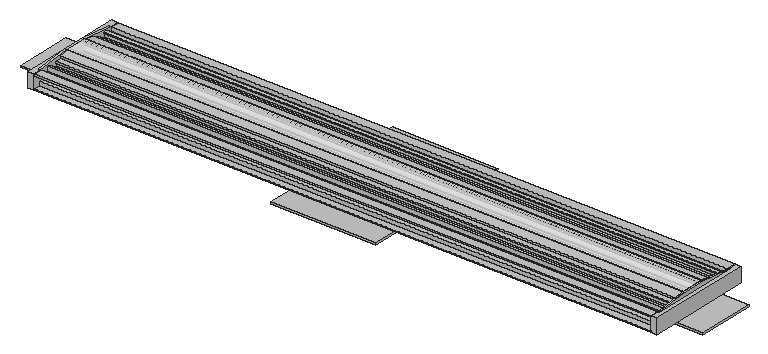
Revit family "Lighting-Luminii-Linii new", category Lighting Fixtures, host Face, Revit 2020
Family settings
  Host = Face
  Round Connector Dimension = Use Diameter
  Part Type = Normal
  OmniClass Number = 23.80.70.11.14.11
  OmniClass Title = Downlights
  Cut with Voids When Loaded = No
  Light Source = Yes
  Shared = Yes
  Room Calculation Point = No
Parameters (values of type "Linii")
  Width = 115/128"  # constant formula
  Wattage Comments = "6 W/ft"
  Wattage = 6 W
  Warranty URL = "https://www.luminii.com/terms-conditions/"
  built-in parameter 1150110 = 1 (stored number, unit not read)
  Voltage Comments = "120VAC - 277VAC"  # constant formula
  Voltage = 120 V
  Version = "2020 - v1.0a"  # constant formula
  URL = "https://www.luminii.com/"
  built-in parameter 1114217 = 1 (stored number, unit not read)
  Tilt Angle = -90.00°  # constant formula
  built-in parameter 1150109 = 1 (stored number, unit not read)
  built-in parameter 1150134 = (empty or 0)
  built-in parameter 1150113 = 1 (stored number, unit not read)
  Support Phone = "224-699-9545"  # constant formula
  Support Email = "mailto:support@bimsmith.com"
  Right Endcap [instance] = yes
  Product Page URL = "Consult Manufacturer Website for more Information"
  Power Source Type = "Driver"  # constant formula
  Power Factor = 1
  Photometric Web File = "LIN-48-30K-LL72VHO-F.IES"
  Phase = 1
  Operating Temperature = "Consult Manufacturer Website for more Information"  # constant formula
  Number of Poles = if(and(or(Voltage = 120 V, Voltage = 277 V), Phase = 1), 1, if(and(or(Voltage = 208 V, Voltage = 240 V), Phase = 1), 2, if(and(or(Voltage = 208 V, Voltage = 240 V), Phase = 3), 3, if(and(Voltage > 300 V, Phase = 1), 2, if(and(Voltage > 400 V, Phase = 3), 3, 1)))))  # 1
  Mounting Method = "Mounting Options: Gypsum Drywall Surface, Drywall to Hard Surface"  # constant formula
  Model = "LIN"  # constant formula
  Manufacturer Phone Number = "403-216-7043"  # constant formula
  Manufacturer Email = "mailto: info@sensolighting.com"
  Manufacturer Address = "302 50 Ave SE. Calgary, Alberta, T2G 2A9 Canada"  # constant formula
  Manufacturer = "Luminii"  # constant formula
  built-in parameter 1150105 = 300 (stored number, unit not read)
  Lumens = 300 lm
  Luminaire Type = "Linear Illumination System"  # constant formula
  built-in parameter 1150115 = 1 (stored number, unit not read)
  Load Classification = Lighting
  built-in parameter 1150137 = (empty or 0)
  built-in parameter 1150139 = (empty or 0)
  Lens Material = Plastic - Luminii - Frosted Lens
  Length [instance] = if(Desired Length < 12", 12", if(Desired Length > 144", 144", (round(Desired Length / 1")) * 1"))  # 24"
  Left Endcap [instance] = yes
  built-in parameter 1150112 = 1 (stored number, unit not read)
  built-in parameter 1150114 = 1 (stored number, unit not read)
  Lamp Life = 1
  Lamp = "LED"  # constant formula
  Keynote = "26 50 00"
  built-in parameter 1150132 = (empty or 0)
  built-in parameter 1150102 = (empty or 0)
  built-in parameter 1150107 = 3000 (stored number, unit not read)
  Initial Color Comments = "Perfomance based on 3000K Photometric Web File"  # constant formula
  built-in parameter 1150138 = (empty or 0)
  built-in parameter 1150106 = 3 (stored number, unit not read)
  Housing Protection Rating = "Consult Manufacturer Website for more Information"  # constant formula
  Height = 3/4"  # constant formula
  Has Dimming = 1 = 1  # yes
  Has Battery Backup = 0 = 1  # no
  Hard Surface [instance] = not(Drywall)  # no
  Frequency Comments = ""  # constant formula
  Frequency = 60 Hz
  Finish = Metal - Luminii - Silver Anodized Aluminum
  Environment = "Indoor"  # constant formula
  Emit from Line Length = 48"
  built-in parameter 1150104 = 4.6452 (stored number, unit not read)
  Drywall [instance] = yes
  Dimming Type = "Consult Manufacturer Website for more Information"  # constant formula
  Dimming Lamp Color Temperature Shift = <None>
  Desired Length [instance] = 24"
  Description = "Linear Illumination System"  # constant formula
  Default Elevation = 0"  # constant formula
  Current Amps = 50 A
  Copyright = "©2024 Luminii"  # constant formula
  Control Zone = "Consult Manufacturer Website for more Information"  # constant formula
  Control Type = "Consult Manufacturer Website for more Information"  # constant formula
  Constraints = 1  # constant formula
  Color Filter = 16777215
  built-in parameter 1114216 [instance] = 0  # (empty or 0)
  built-in parameter 1140040 [instance] = 1 = 1  # 1
  CCT = "3000K"
  C Right End [instance] = if(Right Endcap, 1/4", 0")  # 1/4"
  C Left End [instance] = if(Left Endcap, 1/4", 0")  # 1/4"
  built-in parameter 1114218 = 1 (stored number, unit not read)
  built-in parameter 1150133 = 10 (stored number, unit not read)
  Assembly Code = "D5040.50"
  Apparent Load = Wattage / Power Factor  # 6 VA
Reference planes (in)
  plane 1 "Center (Front/Back)": y = 0
  plane 2: z = 0
  plane 3 "Center (Left/Right)": x = 0
  plane 4: x = 0
  plane 5: x = 0
  plane 6: y = 0.44922
  plane 7: y = -0.44922
  plane 8: x = -12
  plane 9: x = 12
  plane 10: z = 0
  plane 11: z = 0
  plane 12 "Top": z = 0
  plane 13: z = -0.75
  plane 14: x = -11.75
  plane 15: x = 11.75
Forms (in)
  Extrusion 1, solid, material "Metal - Luminii - Silver Anodized Aluminum", not visible
    sketch origin (0, 0, -0.01563) x (1, 0, 0) y (0, 1, 0)
      loop
        circle (12, 0) r 0.03125
    from 0.01562 to 0.02575
Dimensions and locks (in)
  equal spacing: plane 4, plane 3 "Center (Left/Right)", plane 5
  equal spacing: plane 6, plane 1 "Center (Front/Back)", plane 7
  "Width": plane 6 to plane 7
  equal spacing: plane 8, plane 3 "Center (Left/Right)", plane 9
  "Length": plane 8 to plane 9
  Extrusion 1 to plane 2 = 0.01013"
  plane 1 "Center (Front/Back)" to imposter light = 0"
  locked: plane 10 to plane 2
  locked: plane 12 "Top" to plane 2
  locked: plane 14 to plane 8 at 0.25
  locked: plane 15 to plane 9 at 0.25
  plane 14 to plane 15 = 23 1/2"
  "Height": plane 13 to plane 12 "Top"
  aligned and locked: plane 2 to host face
  aligned and locked: imposter light to plane 3 "Center (Left/Right)"
  aligned and locked: plane 1 "Center (Front/Back)" to Extrusion 1 sketch curve
  aligned and locked: plane 10 to Extrusion 1
  aligned and locked: imposter light to plane 11
  aligned and locked: plane 1 "Center (Front/Back)" to imposter light
  aligned and locked: imposter light to plane 5
  aligned and locked: plane 9 to Extrusion 1 sketch curve
  aligned and locked: plane 12 "Top" to plane 11
Automatic sketch dimensions
  host sketch curve to host sketch curve = 96"  (x2)
  radius of Extrusion 1 sketch curve = 1/32"
Nested families (in)
  nested 1: "Nested Lamp" at (0, 0, 0), visible <- "Drywall", type "Nested Lamp"
    with Length 24"
Connectors (in)
  electrical at (12, 0, 0), driven by "Number of Poles", driven by "Load Classification", driven by "Voltage", driven by "Apparent Load", driven by "Power Factor"
    settings: on Extrusion 1, index 1, voltage 120 V, apparent load 6 VA, apparent load phase1 0 VA, apparent load phase2 0 VA, apparent load phase3 0 VA, power factor 1, load classification "Lighting", number of poles 1, system type 30, power factor state 1, is connector primary yes, connector utility no, sub classification motor no, connector description "Power Connection"
Definition of nested family "Nested Lamp"
  Parameters (values of type "Nested Lamp")
    Width = 115/128"  # constant formula
    Right Hard = if(and(Hardsurface, Right Cap), 1 = 1, 1 = 0)  # no
    Right Drywall = if(and(Drywall, Right Cap), 1 = 1, 1 = 0)  # yes
    Right Cap = yes
    Lens = none
    Length = 36"
    Left Hard = if(and(Hardsurface, Left Cap), 1 = 1, 1 = 0)  # no
    Left Drywall = if(and(Drywall, Left Cap), 1 = 1, 1 = 0)  # yes
    Left Cap = yes
    Height = 141/256"  # constant formula
    Hardsurface = not(Drywall)  # no
    Finish = none
    Drywall = yes
    Default Elevation = 48"
    C Right Endcap = if(Right Cap, 1/4", 0")  # 1/4"
    C Left Endcap = if(Left Cap, 1/4", 0")  # 1/4"
  Reference planes (in)
    plane 1 "Center (Front/Back)": y = 0
    plane 2: z = 0
    plane 3 "Center (Left/Right)": x = 0
    plane 4: x = -17.75
    plane 5: x = 17.75
    plane 6: x = 18
    plane 7: x = -18
    plane 8: y = 0.44922
    plane 9: y = -0.44922
    plane 10: z = -0.7475
  Forms (in)
    Extrusion 1, solid
      sketch origin (0, 0, 0) x (1, 0, 0) y (0, 1, 0)
        loop
          line (-48, 48) -> (-48, -48) -> (48, -48) -> (48, 48) -> (-48, 48)
      from 0 to -12
    Sweep 2, solid, material <- "Finish", visible <- "Drywall", detail levels coarse
      path origin (0, 0, 0) x (1, 0, 0) y (0, 1, 0)
        loop
          line (-17.75, 0) -> (17.75, 0)
      profile origin (0, 0, 0) x (0, 1, 0) y (0, 0, 1)
        loop
          line (0.44922, 0.00028) -> (0.44922, -0.08637) -> (-0.44922, -0.08637) -> (-0.44922, 0.00028) -> (-1.67, -0.135) -> (-2, -0.135) -> (-2, -0.685) -> (2, -0.685) -> (2, -0.135) -> (1.67, -0.135) -> (0.44922, 0.00028)
    Sweep 3, solid, material <- "Lens", detail levels medium+fine
      path origin (0, 0, 0) x (1, 0, 0) y (0, 1, 0)
        loop
          line (-17.75, 0) -> (17.75, 0)
      profile origin (0, 0, 0) x (0, 1, 0) y (0, 0, 1)
        loop
          line (-0.43279, 0.00028) -> (-0.425, -0.08182)
          arc (-0.425, -0.08182) -> (-0.44707, -0.1531) -> (-0.43549, -0.22681) r 0.165
          line (-0.43549, -0.22681) -> (-0.36814, -0.39349)
          arc (-0.36814, -0.39349) -> (-0.34211, -0.40454) -> (-0.33105, -0.37851) r 0.02
          line (-0.33105, -0.37851) -> (-0.3984, -0.21183)
          arc (-0.3984, -0.21183) -> (-0.38613, -0.0951) -> (-0.2825, -0.04) r 0.125
          line (-0.2825, -0.04) -> (0.2825, -0.04)
          arc (0.2825, -0.04) -> (0.38613, -0.0951) -> (0.3984, -0.21183) r 0.125
          line (0.3984, -0.21183) -> (0.33105, -0.37851)
          arc (0.33105, -0.37851) -> (0.34211, -0.40454) -> (0.36814, -0.39349) r 0.02
          line (0.36814, -0.39349) -> (0.43549, -0.22681)
          arc (0.43549, -0.22681) -> (0.44707, -0.1531) -> (0.425, -0.08182) r 0.165
          line (0.425, -0.08182) -> (0.43279, 0.00028) -> (-0.43279, 0.00028)
    Sweep 4, solid, material <- "Finish", visible <- "Drywall", detail levels medium+fine
      path origin (0, 0, 0) x (1, 0, 0) y (0, 1, 0)
        loop
          line (-17.75, 0) -> (17.75, 0)
      profile origin (0, 0, 0) x (0, 1, 0) y (0, 0, 1)
        loop
          line (2, -0.135) -> (1.67, -0.135) -> (1.67, -0.2775) -> (1.405, -0.2775) -> (1.405, -0.135) -> (1.2825, -0.135) -> (1.2825, -0.19084) -> (1.325, -0.19084) -> (1.325, -0.31584) -> (0.94, -0.31584) -> (0.94, -0.19084) -> (0.9825, -0.19084) -> (0.9825, -0.135) -> (0.7875, -0.135) -> (0.7875, -0.048) -> (0.45176, 0) -> (0.425, -0.08182)
          arc (0.425, -0.08182) -> (0.4686, -0.13159) -> (0.46766, -0.19775) r 0.09223
          line (0.46766, -0.19775) -> (0.40518, -0.35363) -> (0.44703, -0.35363) -> (0.52499, -0.25383)
          arc (0.52499, -0.25383) -> (0.54623, -0.21399) -> (0.55265, -0.16929) r 0.13074
          line (0.55265, -0.16929) -> (0.55265, -0.09518) -> (0.70824, -0.11743) -> (0.70824, -0.24585) -> (0.77882, -0.25591) -> (0.77882, -0.35249) -> (0.99, -0.46526) -> (0.99, -0.605) -> (-0.99, -0.605) -> (-0.99, -0.46526) -> (-0.77882, -0.35249) -> (-0.77882, -0.25591) -> (-0.70824, -0.24585) -> (-0.70824, -0.11743) -> (-0.55265, -0.09518) -> (-0.55265, -0.16929)
          arc (-0.55265, -0.16929) -> (-0.54623, -0.21399) -> (-0.52499, -0.25383) r 0.13074
          line (-0.52499, -0.25383) -> (-0.44703, -0.35363) -> (-0.40518, -0.35363) -> (-0.46766, -0.19775)
          arc (-0.46766, -0.19775) -> (-0.4686, -0.13159) -> (-0.425, -0.08182) r 0.09223
          line (-0.425, -0.08182) -> (-0.45176, 0) -> (-0.7875, -0.048) -> (-0.7875, -0.135) -> (-0.9825, -0.135) -> (-0.9825, -0.19084) -> (-0.94, -0.19084) -> (-0.94, -0.31584) -> (-1.325, -0.31584) -> (-1.325, -0.19084) -> (-1.2825, -0.19084) -> (-1.2825, -0.135) -> (-1.405, -0.135) -> (-1.405, -0.2775) -> (-1.67, -0.2775) -> (-1.67, -0.135) -> (-2, -0.135) -> (-2, -0.185) -> (-1.75, -0.185) -> (-1.75, -0.34553) -> (-1.47669, -0.35986)
          arc (-1.47669, -0.35986) -> (-1.35203, -0.4076) -> (-1.47479, -0.46004) r 0.07201
          line (-1.47479, -0.46004) -> (-1.75, -0.47447) -> (-1.75, -0.635) -> (-2, -0.635) -> (-2, -0.685) -> (-1.67, -0.685) -> (-1.67, -0.5425) -> (-1.275, -0.5425) -> (-1.275, -0.6065) -> (-1.4212, -0.6065)
          arc (-1.4212, -0.6065) -> (-1.46907, -0.62047) -> (-1.50355, -0.6565) r 0.09634
          line (-1.50355, -0.6565) -> (-1.51917, -0.685) -> (1.51917, -0.685) -> (1.50355, -0.6565)
          arc (1.50355, -0.6565) -> (1.46724, -0.61938) -> (1.41694, -0.6065) r 0.09634
          line (1.41694, -0.6065) -> (1.275, -0.6065) -> (1.275, -0.5425) -> (1.67, -0.5425) -> (1.67, -0.685) -> (2, -0.685) -> (2, -0.635) -> (1.75, -0.635) -> (1.75, -0.47447) -> (1.47479, -0.46004)
          arc (1.47479, -0.46004) -> (1.35203, -0.4076) -> (1.47669, -0.35986) r 0.07201
          line (1.47669, -0.35986) -> (1.75, -0.34553) -> (1.75, -0.185) -> (2, -0.185) -> (2, -0.135)
    Sweep 5, solid, material <- "Lens", detail levels coarse
      path origin (0, 0, 0) x (1, 0, 0) y (0, 1, 0)
        loop
          line (-17.75, 0) -> (17.75, 0)
      profile origin (0, 0, 0) x (0, 1, 0) y (0, 0, 1)
        loop
          line (0.44922, -0.08637) -> (0.44922, 0.00028) -> (-0.44922, 0.00028) -> (-0.44922, -0.08637) -> (0.44922, -0.08637)
    Sweep 6, solid, material <- "Finish", visible <- "Right Drywall", detail levels medium+fine
      path origin (0, 0, 0) x (1, 0, 0) y (0, 1, 0)
        loop
          line (17.75, 0) -> (17.82188, 0)
      profile origin (17.78594, 0, 0) x (0, 1, 0) y (0, 0, 1)
        loop
          line (-1.67, -0.135) -> (1.67, -0.135) -> (0.44922, 0.00028) -> (-0.44922, 0.00028) -> (-1.67, -0.135)
    Sweep 7, solid, material <- "Finish", visible <- "Right Drywall", detail levels coarse
      path origin (0, 1, 0) x (-1, 0, 0) y (0, 1, 0)
        loop
          line (-17.75, -1) -> (-18, -1)
      profile origin (17.875, 0, 0) x (0, 1, 0) y (0, 0, 1)
        loop
          line (-2, 0) -> (-2, -0.685) -> (2, -0.685) -> (2, 0) -> (-2, 0)
    Sweep 8, solid, material <- "Finish", visible <- "Right Drywall", detail levels medium+fine
      path origin (0, 2.25, 0) x (-1, 0, 0) y (0, 1, 0)
        loop
          line (-17.75, -2.25) -> (-18, -2.25)
      profile origin (17.875, 0, 0) x (0, 1, 0) y (0, 0, 1)
        loop
          line (2, -0.135) -> (-2, -0.135) -> (-2, -0.685) -> (2, -0.685) -> (2, -0.135)
    Sweep 9, solid, material <- "Finish", visible <- "Left Drywall", detail levels medium+fine
      path origin (0, 0, 0) x (-1, 0, 0) y (0, 1, 0)
        loop
          line (17.75, 0) -> (17.83, 0)
      profile origin (-17.79, 0, 0) x (0, -1, 0) y (0, 0, 1)
        loop
          line (1.67, -0.135) -> (0.44922, 0.00028) -> (-0.44922, 0.00028) -> (-1.67, -0.135) -> (1.67, -0.135)
    Sweep 10, solid, material <- "Finish", visible <- "Left Drywall", detail levels medium+fine
      path origin (0, 2.25, 0) x (1, 0, 0) y (0, 1, 0)
        loop
          line (-17.75, -2.25) -> (-18, -2.25)
      profile origin (-17.875, 0, 0) x (0, -1, 0) y (0, 0, 1)
        loop
          line (-2, -0.135) -> (-2, -0.685) -> (2, -0.685) -> (2, -0.135) -> (-2, -0.135)
    Sweep 11, solid, material <- "Finish", visible <- "Left Drywall", detail levels coarse
      path origin (0, 1, 0) x (1, 0, 0) y (0, 1, 0)
        loop
          line (-17.75, -1) -> (-18, -1)
      profile origin (-17.875, 0, 0) x (0, -1, 0) y (0, 0, 1)
        loop
          line (2, 0) -> (-2, 0) -> (-2, -0.685) -> (2, -0.685) -> (2, 0)
    Extrusion 12, solid
      sketch origin (0, 0, 0) x (1, 0, 0) y (0, 1, 0)
        loop
          line (-2, 2.90906) -> (-2, 1.33156) -> (2, 1.33156) -> (2, 2.90906) -> (-2, 2.90906)
        loop
          line (-2, -2.90906) -> (2, -2.90906) -> (2, -1.33156) -> (-2, -1.33156) -> (-2, -2.90906)
      from -0.7475 to -0.685
    Extrusion 13, solid, material <- "Finish", visible <- "Left Cap"
      sketch origin (0, 0, 0) x (1, 0, 0) y (0, 1, 0)
        loop
          line (-19, -1.085) -> (-17.75, -1.085) -> (-17.75, 1.085) -> (-19, 1.085) -> (-19, -1.085)
      from -0.685 to -0.7475
    Extrusion 14, solid, material <- "Finish", visible <- "Right Cap"
      sketch origin (0, 0, 0) x (-1, 0, 0) y (0, -1, 0)
        loop
          line (-19, 1.085) -> (-19, -1.085) -> (-17.75, -1.085) -> (-17.75, 1.085) -> (-19, 1.085)
      from -0.685 to -0.7475
    Sweep 15, solid, material <- "Finish", visible <- "Hardsurface", detail levels medium+fine
      path origin (0, 0, 0) x (1, 0, 0) y (0, 1, 0)
        loop
          line (-17.75, 0) -> (17.75, 0)
      profile origin (0, 0, 0) x (0, 1, 0) y (0, 0, 1)
        loop
          line (-2, -0.135) -> (-2, -0.185) -> (-1.75, -0.185) -> (-1.75, -0.34553) -> (-1.47669, -0.35986)
          arc (-1.47669, -0.35986) -> (-1.35203, -0.4076) -> (-1.47479, -0.46004) r 0.07201
          line (-1.47479, -0.46004) -> (-1.75, -0.47447) -> (-1.75, -0.635) -> (-2, -0.635) -> (-2, -0.685) -> (-1.67, -0.685) -> (-1.67, -0.5425) -> (-1.275, -0.5425) -> (-1.275, -0.6065) -> (-1.41694, -0.6065)
          arc (-1.41694, -0.6065) -> (-1.46724, -0.61938) -> (-1.50355, -0.6565) r 0.09634
          line (-1.50355, -0.6565) -> (-1.51917, -0.685) -> (0.34141, -0.685) -> (0.39852, -0.5425) -> (0.74828, -0.5425) -> (0.74828, -0.685) -> (0.99913, -0.685) -> (0.99913, -0.635) -> (0.82828, -0.635) -> (0.82828, -0.47447) -> (0.55308, -0.46004)
          arc (0.55308, -0.46004) -> (0.43031, -0.4076) -> (0.55498, -0.35986) r 0.07201
          line (0.55498, -0.35986) -> (0.82828, -0.34553) -> (0.82828, -0.08) -> (0.95234, -0.08) -> (0.95234, -0.185) -> (1.05582, -0.185) -> (1.07913, 0) -> (0.44539, 0) -> (0.41975, -0.08385)
          arc (0.41975, -0.08385) -> (0.4626, -0.1322) -> (0.46166, -0.1968) r 0.08938
          line (0.46166, -0.1968) -> (0.29806, -0.605) -> (-0.99, -0.605) -> (-0.99, -0.46526) -> (-0.77882, -0.35249) -> (-0.77882, -0.25591) -> (-0.70824, -0.24585) -> (-0.70824, -0.11743) -> (-0.55265, -0.09518) -> (-0.55265, -0.16929)
          arc (-0.55265, -0.16929) -> (-0.54623, -0.21399) -> (-0.52499, -0.25383) r 0.13074
          line (-0.52499, -0.25383) -> (-0.44703, -0.35363) -> (-0.40518, -0.35363) -> (-0.46766, -0.19775)
          arc (-0.46766, -0.19775) -> (-0.4686, -0.13159) -> (-0.425, -0.08182) r 0.09223
          line (-0.425, -0.08182) -> (-0.45176, 0) -> (-0.7875, -0.048) -> (-0.7875, -0.135) -> (-0.9825, -0.135) -> (-0.9825, -0.19084) -> (-0.94, -0.19084) -> (-0.94, -0.31584) -> (-1.325, -0.31584) -> (-1.325, -0.19084) -> (-1.2825, -0.19084) -> (-1.2825, -0.135) -> (-1.405, -0.135) -> (-1.405, -0.2775) -> (-1.67, -0.2775) -> (-1.67, -0.135) -> (-2, -0.135)
    Sweep 16, solid, material <- "Finish", visible <- "Hardsurface", detail levels coarse
      path origin (0, 0, 0) x (1, 0, 0) y (0, 1, 0)
        loop
          line (-17.75, 0) -> (17.75, 0)
      profile origin (0, 0, 0) x (0, 1, 0) y (0, 0, 1)
        loop
          line (-0.44922, 0.00028) -> (-1.67, -0.135) -> (-2, -0.135) -> (-2, -0.685) -> (1.07913, -0.685) -> (1.07913, 0) -> (0.44922, 0) -> (0.44922, -0.08637) -> (-0.44922, -0.08637) -> (-0.44922, 0.00028)
    Sweep 17, solid, material <- "Finish", visible <- "Right Hard", detail levels medium+fine
      path origin (0.85306, 1.37601, 0.66436) x (1, 0, 0) y (0, 1, 0)
        loop
          line (16.89694, -1.37601) -> (16.96882, -1.37601)
      profile origin (17.78594, 0, 0.66436) x (0, 1, 0) y (0, 0, 1)
        loop
          line (-1.67, -0.79936) -> (1.07913, -0.79936) -> (1.07913, -0.66408) -> (-0.44922, -0.66408) -> (-1.67, -0.79936)
    Sweep 18, solid, material <- "Finish", visible <- "Right Hard", detail levels coarse
      path origin (0, 0, 0) x (1, 0, 0) y (0, 1, 0)
        loop
          line (17.75, 0) -> (18, 0)
      profile origin (17.875, 0, 0) x (0, 1, 0) y (0, 0, 1)
        loop
          line (-2, 0) -> (-2, -0.685) -> (1.07913, -0.685) -> (1.07913, 0) -> (-2, 0)
    Sweep 19, solid, material <- "Finish", visible <- "Right Hard", detail levels medium+fine
      path origin (0, 0, 0) x (1, 0, 0) y (0, 1, 0)
        loop
          line (17.75, 0) -> (18, 0)
      profile origin (17.875, 0, 0) x (0, 1, 0) y (0, 0, 1)
        loop
          line (1.07913, -0.135) -> (-2, -0.135) -> (-2, -0.685) -> (1.07913, -0.685) -> (1.07913, -0.135)
    Sweep 20, solid, material <- "Finish", visible <- "Left Hard", detail levels medium+fine
      path origin (0.85306, 1.37601, 0.66436) x (-1, 0, 0) y (0, 1, 0)
        loop
          line (18.60306, -1.37601) -> (18.68306, -1.37601)
      profile origin (-17.79, 0, 0.66436) x (0, -1, 0) y (0, 0, 1)
        loop
          line (1.67, -0.79936) -> (0.44922, -0.66408) -> (-1.07913, -0.66408) -> (-1.07913, -0.79936) -> (1.67, -0.79936)
    Sweep 21, solid, material <- "Finish", visible <- "Left Hard", detail levels medium+fine
      path origin (0.85306, 3.62601, 0.66436) x (1, 0, 0) y (0, 1, 0)
        loop
          line (-18.60306, -3.62601) -> (-18.85306, -3.62601)
      profile origin (-17.875, 0, 0.66436) x (0, -1, 0) y (0, 0, 1)
        loop
          line (-1.07913, -0.79936) -> (-1.07913, -1.34936) -> (2, -1.34936) -> (2, -0.79936) -> (-1.07913, -0.79936)
    Sweep 22, solid, material <- "Finish", visible <- "Left Hard", detail levels coarse
      path origin (0.85306, 2.37601, 0.66436) x (1, 0, 0) y (0, 1, 0)
        loop
          line (-18.60306, -2.37601) -> (-18.85306, -2.37601)
      profile origin (-17.875, 0, 0.66436) x (0, -1, 0) y (0, 0, 1)
        loop
          line (2, -0.66436) -> (-2, -0.66436) -> (-2, -1.34936) -> (2, -1.34936) -> (2, -0.66436)
  Cuts and joins
    joined: Sweep 6, Sweep 8
    joined: Sweep 9, Sweep 10
  Dimensions and locks (in)
    "Length": plane 7 to plane 6
    "C Left Endcap": plane 7 to plane 4
    "C Right Endcap": plane 5 to plane 6
    equal spacing: plane 7, plane 3 "Center (Left/Right)", plane 6
    Sweep 6 sketch curve to Sweep 6 sketch curve to plane 6 = 0.07187" locked, 0.17813" locked
    equal spacing: plane 9, plane 1 "Center (Front/Back)", plane 8
    "Width": plane 9 to plane 8
    locked: Sweep 8 sketch curve to plane 6 at 0.25
    locked: Sweep 7 sketch curve to plane 6 at 0.25
    Sweep 9 sketch curve to plane 4 to Sweep 9 sketch curve = 0" locked, 0.08" locked
    locked: plane 7 to Sweep 11 sketch curve at 0.25
    plane 7 to Sweep 10 sketch curve to Sweep 10 sketch curve = 0" locked, 1/4" locked
    Extrusion 12 sketch curve to Extrusion 12 sketch curve to plane 3 "Center (Left/Right)" to Extrusion 12 sketch curve to Extrusion 12 sketch curve = 0" locked, 2" locked, 2" locked, 0" locked
    Extrusion 12 sketch curve to Extrusion 12 sketch curve to Extrusion 12 sketch curve to Extrusion 12 sketch curve = 1.5775" locked, 2.66312" locked, 1.5775" locked
    Extrusion 13 sketch curve to plane 1 "Center (Front/Back)" to Extrusion 13 sketch curve = 1.085" locked, 1.085" locked
    Extrusion 13 sketch curve to Extrusion 13 sketch curve to plane 4 = 1 1/4" locked, 0" locked
    Extrusion 14 sketch curve to plane 1 "Center (Front/Back)" to Extrusion 14 sketch curve = 1.085" locked, 1.085" locked
    Extrusion 14 sketch curve to Extrusion 14 sketch curve to plane 5 = 1 1/4" locked, 0" locked
    plane 2 to Extrusion 14 to Extrusion 13 to plane 10 = 0.685" locked, 0" locked, 1/16" locked
    Sweep 17 sketch curve to plane 5 to Sweep 17 sketch curve = 0" locked, 0.07188" locked
    Sweep 20 sketch curve to plane 4 to Sweep 20 sketch curve = 0" locked, 0.08" locked
    Sweep 21 sketch curve to Sweep 21 sketch curve = 1/4"
    aligned and locked: plane 2 to Extrusion 1
    aligned and locked: level to Extrusion 1
    aligned and locked: plane 4 to Sweep 2 sketch curve
    aligned and locked: plane 1 "Center (Front/Back)" to Sweep 2 sketch curve
    aligned and locked: plane 5 to Sweep 2 sketch curve
    aligned and locked: plane 5 to Sweep 3 sketch curve
    aligned and locked: plane 4 to Sweep 3 sketch curve
    aligned and locked: plane 1 "Center (Front/Back)" to Sweep 3 sketch curve
    aligned and locked: plane 1 "Center (Front/Back)" to Sweep 6 sketch curve
    aligned and locked: plane 6 to Sweep 7 sketch curve
    aligned and locked: plane 1 "Center (Front/Back)" to Sweep 7 sketch curve
    aligned and locked: plane 1 "Center (Front/Back)" to Sweep 8 sketch curve
    aligned and locked: plane 6 to Sweep 8 sketch curve
    aligned and locked: Sweep 11 sketch curve to plane 1 "Center (Front/Back)"
    aligned and locked: plane 7 to Sweep 11 sketch curve
    aligned and locked: Sweep 9 sketch curve to plane 1 "Center (Front/Back)"
    aligned and locked: Sweep 10 sketch curve to plane 1 "Center (Front/Back)"
    aligned and locked: plane 10 to Extrusion 14
    aligned and locked: plane 5 to Sweep 15 sketch curve
    aligned and locked: plane 1 "Center (Front/Back)" to Sweep 15 sketch curve
    aligned and locked: plane 4 to Sweep 15 sketch curve
    aligned and locked: plane 1 "Center (Front/Back)" to Sweep 16 sketch curve
    aligned and locked: plane 5 to Sweep 16 sketch curve
    aligned and locked: plane 4 to Sweep 16 sketch curve
    aligned and locked: plane 1 "Center (Front/Back)" to Sweep 18 sketch curve
    aligned and locked: plane 5 to Sweep 18 sketch curve
    aligned and locked: plane 6 to Sweep 18 sketch curve
    aligned and locked: plane 1 "Center (Front/Back)" to Sweep 19 sketch curve
    aligned and locked: plane 5 to Sweep 19 sketch curve
    aligned and locked: plane 6 to Sweep 19 sketch curve
    aligned and locked: plane 1 "Center (Front/Back)" to Sweep 17 sketch curve
    aligned and locked: Sweep 22 sketch curve to plane 1 "Center (Front/Back)"
    aligned and locked: plane 7 to Sweep 22 sketch curve
    aligned and locked: plane 4 to Sweep 22 sketch curve
    aligned and locked: Sweep 22 sketch curve to Extrusion 1
    aligned and locked: Sweep 21 sketch curve to plane 1 "Center (Front/Back)"
    aligned and locked: plane 4 to Sweep 21 sketch curve
    aligned and locked: plane 1 "Center (Front/Back)" to Sweep 20 sketch curve
  Automatic sketch dimensions
    Extrusion 1 sketch curve to Extrusion 1 sketch curve = 96"  (x2)
    Sweep 2 sketch curve to level = 0.685"
    profile plane to Sweep 2 sketch curve = 2"
    Sweep 2 sketch curve to level = 0.135"  (x2)
    Sweep 2 sketch curve to Sweep 2 sketch curve = 0.33"  (x2)
    Sweep 2 sketch curve to level = 0.08637"
    profile plane to Sweep 2 sketch curve = 115/256"
    level to Sweep 2 sketch curve = 0.00028"  (x2)
    Sweep 2 sketch curve to profile plane = 115/256"
    Sweep 2 sketch curve to Sweep 2 sketch curve = 1.22078"
    Sweep 3 sketch curve to Sweep 3 sketch curve = 0"  (x4)
    profile plane to Sweep 3 sketch curve = 0.43549"
    level to Sweep 3 sketch curve = 0.00028"
    Sweep 3 sketch curve to Sweep 3 sketch curve = 0.00269"
    Sweep 3 sketch curve to level = 0.08182"  (x2)
    Sweep 3 sketch curve to Sweep 3 sketch curve = 1/128"  (x2)
    Sweep 3 sketch curve to Sweep 3 sketch curve = 0.03709"
    Sweep 3 sketch curve to Sweep 3 sketch curve = 0.06734"
    Sweep 3 sketch curve to Sweep 3 sketch curve = 0.01854"  (x4)
    Sweep 3 sketch curve to level = 0.04"
    Sweep 3 sketch curve to Sweep 3 sketch curve = 0.1425"
    Sweep 3 sketch curve to profile plane = 0.2825"
    Sweep 3 sketch curve to Sweep 3 sketch curve = 0.04855"
    Sweep 3 sketch curve to level = 0.21183"
    Sweep 3 sketch curve to Sweep 3 sketch curve = 0.1159"
    Sweep 3 sketch curve to Sweep 3 sketch curve = 0.0266"
    Sweep 3 sketch curve to level = 0.22681"
    Sweep 3 sketch curve to Sweep 3 sketch curve = 0.29669"
    Sweep 3 sketch curve to Sweep 3 sketch curve = 0.16668"
    Sweep 3 sketch curve to Sweep 3 sketch curve = 0.00749"  (x2)
    Sweep 3 sketch curve to Sweep 3 sketch curve = 0.14499"
    plane 1 "Center (Front/Back)" to Sweep 4 sketch curve = 0"
    Sweep 4 sketch curve to plane 4 = 0"
    Sweep 4 sketch curve to plane 5 = 0"
    Sweep 4 sketch curve to level = 0"  (x2)
    Sweep 4 sketch curve to level = 0.685"
    profile plane to Sweep 4 sketch curve = 2"
    Sweep 4 sketch curve to level = 0.135"  (x3)
    Sweep 4 sketch curve to Sweep 4 sketch curve = 0"  (x2)
    Sweep 4 sketch curve to Sweep 4 sketch curve = 1/4"  (x3)
    Sweep 4 sketch curve to level = 0.47447"
    Sweep 4 sketch curve to Sweep 4 sketch curve = 0.08"  (x6)
    Sweep 4 sketch curve to Sweep 4 sketch curve = 0.15083"
    Sweep 4 sketch curve to level = 0.6565"  (x2)
    Sweep 4 sketch curve to Sweep 4 sketch curve = 1/64"  (x2)
    Sweep 4 sketch curve to level = 0.35986"  (x2)
    Sweep 4 sketch curve to Sweep 4 sketch curve = 0.19331"
    Sweep 4 sketch curve to level = 0.46004"  (x2)
    Sweep 4 sketch curve to Sweep 4 sketch curve = 0.0019"
    Sweep 4 sketch curve to Sweep 4 sketch curve = 13/256"  (x2)
    Sweep 4 sketch curve to Sweep 4 sketch curve = 0.08235"
    Sweep 4 sketch curve to Sweep 4 sketch curve = 0.00213"  (x2)
    Sweep 4 sketch curve to Sweep 4 sketch curve = 0.07169"
    Sweep 4 sketch curve to Sweep 4 sketch curve = 0.0425"  (x4)
    Sweep 4 sketch curve to Sweep 4 sketch curve = 0.1462"
    Sweep 4 sketch curve to Sweep 4 sketch curve = 0.285"  (x2)
    Sweep 4 sketch curve to Sweep 4 sketch curve = 0.3"  (x2)
    Sweep 4 sketch curve to Sweep 4 sketch curve = 0.1525"
    Sweep 4 sketch curve to level = 0.35249"
    Sweep 4 sketch curve to Sweep 4 sketch curve = 0.16118"  (x2)
    Sweep 4 sketch curve to level = 0.24585"  (x2)
    Sweep 4 sketch curve to Sweep 4 sketch curve = 0.07059"  (x2)
    Sweep 4 sketch curve to level = 0.09518"  (x2)
    Sweep 4 sketch curve to Sweep 4 sketch curve = 0.15559"  (x2)
    Sweep 4 sketch curve to level = 0.25383"  (x2)
    Sweep 4 sketch curve to Sweep 4 sketch curve = 0.02765"
    Sweep 4 sketch curve to level = 0.19775"  (x2)
    Sweep 4 sketch curve to Sweep 4 sketch curve = 0.05734"  (x2)
    Sweep 4 sketch curve to Sweep 4 sketch curve = 0.10089"
    Sweep 4 sketch curve to Sweep 4 sketch curve = 0.07797"
    Sweep 4 sketch curve to level = 0.08182"  (x2)
    Sweep 4 sketch curve to Sweep 4 sketch curve = 0.02676"  (x2)
    Sweep 4 sketch curve to Sweep 4 sketch curve = 0.04569"
    Sweep 4 sketch curve to Sweep 4 sketch curve = 0.04184"  (x2)
    Sweep 4 sketch curve to Sweep 4 sketch curve = 0.03992"  (x2)
    Sweep 4 sketch curve to level = 0.16344"
    Sweep 4 sketch curve to profile plane = 0.38205"
    Sweep 4 sketch curve to Sweep 4 sketch curve = 0.02314"
    Sweep 4 sketch curve to Sweep 4 sketch curve = 0.00303"
    Sweep 4 sketch curve to Sweep 4 sketch curve = 0.12765"
    Sweep 4 sketch curve to Sweep 4 sketch curve = 0.07926"
    Sweep 4 sketch curve to Sweep 4 sketch curve = 0.05"  (x5)
    Sweep 4 sketch curve to Sweep 4 sketch curve = 0.14194"
    Sweep 4 sketch curve to Sweep 4 sketch curve = 0.01903"
    Sweep 4 sketch curve to Sweep 4 sketch curve = 0.05267"
    Sweep 4 sketch curve to Sweep 4 sketch curve = 0.08448"
    Sweep 4 sketch curve to Sweep 4 sketch curve = 0.265"
    Sweep 4 sketch curve to Sweep 4 sketch curve = 0.16645"
    Sweep 4 sketch curve to Sweep 4 sketch curve = 0.04632"  (x2)
    Sweep 4 sketch curve to Sweep 4 sketch curve = 0.0285"  (x2)
    Sweep 4 sketch curve to Sweep 4 sketch curve = 0.0015"
    Sweep 4 sketch curve to Sweep 4 sketch curve = 0.0925"
    Sweep 4 sketch curve to Sweep 4 sketch curve = 0.064"
    Sweep 4 sketch curve to Sweep 4 sketch curve = 0.06803"  (x2)
    Sweep 4 sketch curve to Sweep 4 sketch curve = 0.13974"  (x2)
    Sweep 4 sketch curve to Sweep 4 sketch curve = 0.09979"  (x2)
    Sweep 4 sketch curve to Sweep 4 sketch curve = 0.10663"
    Sweep 4 sketch curve to Sweep 4 sketch curve = 0.12893"  (x2)
    Sweep 4 sketch curve to Sweep 4 sketch curve = 0.14942"
    Sweep 4 sketch curve to Sweep 4 sketch curve = 0.09313"
    Sweep 4 sketch curve to Sweep 4 sketch curve = 0.03834"
    Sweep 4 sketch curve to Sweep 4 sketch curve = 0.01006"  (x2)
    Sweep 4 sketch curve to Sweep 4 sketch curve = 0.08666"
    Sweep 4 sketch curve to Sweep 4 sketch curve = 0.05584"  (x4)
    Sweep 4 sketch curve to Sweep 4 sketch curve = 1/8"
    Sweep 4 sketch curve to level = 0.185"
    Sweep 4 sketch curve to Sweep 4 sketch curve = 0.0099"  (x2)
    Sweep 4 sketch curve to Sweep 4 sketch curve = 0.01757"  (x2)
    Sweep 4 sketch curve to level = 0.048"  (x2)
    plane 1 "Center (Front/Back)" to Sweep 5 sketch curve = 0"
    Sweep 5 sketch curve to plane 4 = 0"
    Sweep 5 sketch curve to plane 5 = 0"
    Sweep 5 sketch curve to level = 0.08637"
    profile plane to Sweep 5 sketch curve = 115/256"
    level to Sweep 5 sketch curve = 0.00028"
    Sweep 5 sketch curve to profile plane = 115/256"
    Sweep 6 sketch curve to level = 0.135"
    profile plane to Sweep 6 sketch curve = 1.67"
    level to Sweep 6 sketch curve = 0.00028"
    profile plane to Sweep 6 sketch curve = 115/256"
    Sweep 6 sketch curve to profile plane = 115/256"
    Sweep 6 sketch curve to Sweep 6 sketch curve = 1.22078"
    Sweep 7 sketch curve to level = 0"
    Sweep 7 sketch curve to level = 0.685"
    profile plane to Sweep 7 sketch curve = 2"
    Sweep 7 sketch curve to profile plane = 2"
    Sweep 8 sketch curve to level = 0.135"
    profile plane to Sweep 8 sketch curve = 2"
    Sweep 8 sketch curve to level = 0.685"
    Sweep 8 sketch curve to profile plane = 2"
    Sweep 9 sketch curve to level = 0.135"
    profile plane to Sweep 9 sketch curve = 1.67"
    level to Sweep 9 sketch curve = 0.00028"
    profile plane to Sweep 9 sketch curve = 115/256"
    Sweep 9 sketch curve to profile plane = 115/256"
    Sweep 9 sketch curve to Sweep 9 sketch curve = 1.22078"
    Sweep 10 sketch curve to level = 0.685"
    profile plane to Sweep 10 sketch curve = 2"
    Sweep 10 sketch curve to level = 0.135"
    Sweep 10 sketch curve to profile plane = 2"
    Sweep 11 sketch curve to level = 0"
    Sweep 11 sketch curve to level = 0.685"
    profile plane to Sweep 11 sketch curve = 2"
    Sweep 11 sketch curve to profile plane = 2"
    Extrusion 12 sketch curve to plane 9 = 2.45984"
    Sweep 15 sketch curve to level = 0"  (x2)
    Sweep 15 sketch curve to level = 0.135"  (x2)
    profile plane to Sweep 15 sketch curve = 2"
    Sweep 15 sketch curve to Sweep 15 sketch curve = 0"  (x3)
    Sweep 15 sketch curve to Sweep 15 sketch curve = 1/4"
    Sweep 15 sketch curve to level = 0.47447"
    Sweep 15 sketch curve to Sweep 15 sketch curve = 0.08"  (x5)
    Sweep 15 sketch curve to level = 0.685"
    Sweep 15 sketch curve to Sweep 15 sketch curve = 0.15083"
    Sweep 15 sketch curve to level = 0.6565"
    Sweep 15 sketch curve to Sweep 15 sketch curve = 1/64"
    Sweep 15 sketch curve to level = 0.35986"  (x2)
    Sweep 15 sketch curve to Sweep 15 sketch curve = 0.19331"
    Sweep 15 sketch curve to level = 0.46004"
    Sweep 15 sketch curve to Sweep 15 sketch curve = 0.0019"
    Sweep 15 sketch curve to Sweep 15 sketch curve = 13/256"  (x2)
    Sweep 15 sketch curve to Sweep 15 sketch curve = 0.08448"
    Sweep 15 sketch curve to Sweep 15 sketch curve = 0.00213"
    Sweep 15 sketch curve to Sweep 15 sketch curve = 0.07169"
    Sweep 15 sketch curve to Sweep 15 sketch curve = 0.0425"  (x2)
    Sweep 15 sketch curve to Sweep 15 sketch curve = 0.14194"
    Sweep 15 sketch curve to Sweep 15 sketch curve = 0.285"
    Sweep 15 sketch curve to Sweep 15 sketch curve = 0.3"
    Sweep 15 sketch curve to Sweep 15 sketch curve = 0.1525"
    Sweep 15 sketch curve to Sweep 15 sketch curve = 0.16118"
    Sweep 15 sketch curve to level = 0.11743"
    Sweep 15 sketch curve to Sweep 15 sketch curve = 0.07926"
    Sweep 15 sketch curve to Sweep 15 sketch curve = 0.15559"
    Sweep 15 sketch curve to level = 0.25383"
    Sweep 15 sketch curve to Sweep 15 sketch curve = 0.02765"
    Sweep 15 sketch curve to level = 0.19775"
    Sweep 15 sketch curve to Sweep 15 sketch curve = 0.05734"
    Sweep 15 sketch curve to Sweep 15 sketch curve = 0.10089"
    Sweep 15 sketch curve to Sweep 15 sketch curve = 0.07797"
    Sweep 15 sketch curve to level = 0.08182"
    Sweep 15 sketch curve to Sweep 15 sketch curve = 0.02676"
    Sweep 15 sketch curve to Sweep 15 sketch curve = 0.04569"
    Sweep 15 sketch curve to Sweep 15 sketch curve = 0.04184"
    Sweep 15 sketch curve to Sweep 15 sketch curve = 0.03992"
    Sweep 15 sketch curve to profile plane = 0.29806"
    Sweep 15 sketch curve to Sweep 15 sketch curve = 0.04335"
    Sweep 15 sketch curve to level = 0.16329"
    Sweep 15 sketch curve to profile plane = 0.3788"
    Sweep 15 sketch curve to Sweep 15 sketch curve = 0.10046"
    Sweep 15 sketch curve to level = 0.08385"
    Sweep 15 sketch curve to Sweep 15 sketch curve = 0.04095"
    Sweep 15 sketch curve to Sweep 15 sketch curve = 0.02563"
    Sweep 15 sketch curve to level = 0.1968"
    Sweep 15 sketch curve to Sweep 15 sketch curve = 0.10379"
    Sweep 15 sketch curve to Sweep 15 sketch curve = 0.05267"
    Sweep 15 sketch curve to Sweep 15 sketch curve = 0.19521"
    Sweep 15 sketch curve to level = 0.08"
    Sweep 15 sketch curve to Sweep 15 sketch curve = 0.36662"
    Sweep 15 sketch curve to Sweep 15 sketch curve = 0.12405"
    Sweep 15 sketch curve to Sweep 15 sketch curve = 0.17085"
    Sweep 15 sketch curve to level = 0.185"
    Sweep 15 sketch curve to Sweep 15 sketch curve = 0.10348"
    Sweep 15 sketch curve to Sweep 15 sketch curve = 0.12679"
    Sweep 15 sketch curve to Sweep 15 sketch curve = 1/2"
    Sweep 15 sketch curve to Sweep 15 sketch curve = 0.04632"
    Sweep 15 sketch curve to Sweep 15 sketch curve = 0.05"  (x3)
    Sweep 15 sketch curve to Sweep 15 sketch curve = 0.06803"  (x3)
    Sweep 15 sketch curve to Sweep 15 sketch curve = 0.0925"
    Sweep 15 sketch curve to Sweep 15 sketch curve = 0.13974"
    Sweep 15 sketch curve to Sweep 15 sketch curve = 0.10018"
    Sweep 15 sketch curve to Sweep 15 sketch curve = 0.09979"
    Sweep 15 sketch curve to Sweep 15 sketch curve = 0.21749"
    Sweep 15 sketch curve to Sweep 15 sketch curve = 0.12893"  (x2)
    Sweep 15 sketch curve to Sweep 15 sketch curve = 0.09313"
    Sweep 15 sketch curve to Sweep 15 sketch curve = 0.09657"
    Sweep 15 sketch curve to Sweep 15 sketch curve = 0.01006"
    Sweep 15 sketch curve to Sweep 15 sketch curve = 0.05584"  (x2)
    Sweep 15 sketch curve to Sweep 15 sketch curve = 1/8"
    Sweep 15 sketch curve to Sweep 15 sketch curve = 0.0099"
    Sweep 15 sketch curve to Sweep 15 sketch curve = 0.0741"
    Sweep 15 sketch curve to level = 0.048"
    Sweep 16 sketch curve to level = 0"
    Sweep 16 sketch curve to level = 0.685"
    profile plane to Sweep 16 sketch curve = 2"
    Sweep 16 sketch curve to level = 0.135"
    Sweep 16 sketch curve to Sweep 16 sketch curve = 0.33"
    level to Sweep 16 sketch curve = 0.00028"
    profile plane to Sweep 16 sketch curve = 115/256"
    Sweep 16 sketch curve to level = 0.08637"
    Sweep 16 sketch curve to profile plane = 115/256"
    Sweep 16 sketch curve to Sweep 16 sketch curve = 0.62991"
    Sweep 18 sketch curve to profile plane = 0"
    Sweep 18 sketch curve to profile plane = 0.685"
    profile plane to Sweep 18 sketch curve = 2"
    Sweep 18 sketch curve to profile plane = 1.07913"
    Sweep 19 sketch curve to profile plane = 0.135"
    profile plane to Sweep 19 sketch curve = 2"
    Sweep 19 sketch curve to profile plane = 0.685"
    Sweep 19 sketch curve to profile plane = 1.07913"
    Sweep 21 sketch curve to profile plane = 1.34936"
    profile plane to Sweep 21 sketch curve = 1.07913"
    Sweep 21 sketch curve to profile plane = 0.79936"
    Sweep 21 sketch curve to profile plane = 2"
    Sweep 22 sketch curve to profile plane = 1.34936"
    profile plane to Sweep 22 sketch curve = 2"
    Sweep 22 sketch curve to profile plane = 2"
    profile plane to Sweep 17 sketch curve = 1.67"
    profile plane to Sweep 17 sketch curve = 115/256"
    Sweep 17 sketch curve to profile plane = 85/128"
    Sweep 17 sketch curve to Sweep 17 sketch curve = 0.13528"
    Sweep 17 sketch curve to profile plane = 1.07913"
    profile plane to Sweep 20 sketch curve = 1.07913"
    Sweep 20 sketch curve to profile plane = 115/256"
    Sweep 20 sketch curve to Sweep 20 sketch curve = 1.22078"
    Sweep 20 sketch curve to profile plane = 85/128"
    Sweep 20 sketch curve to Sweep 20 sketch curve = 0.13528"
